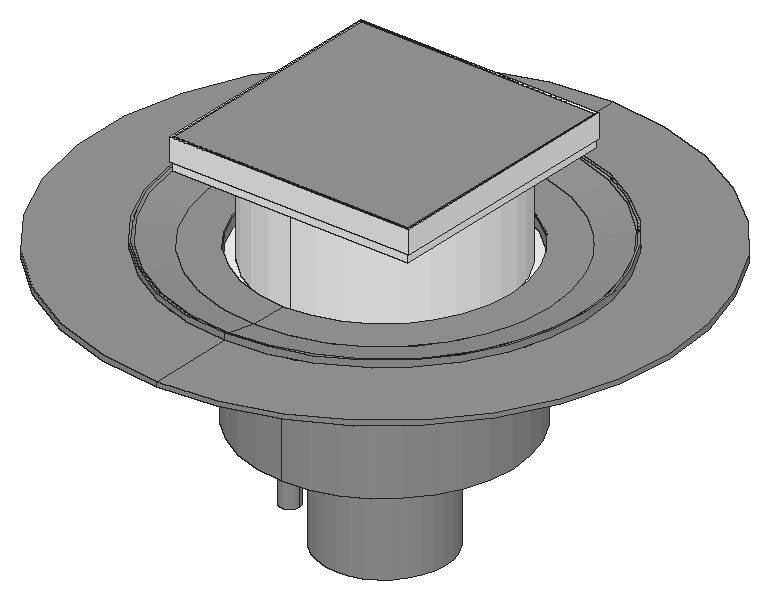
Revit family "HL_RU_Roof drain_HL62.1B-B-221103", category Sanitärinstallationen, Revit 2020
Family settings
  Bemaßung runder Anschluss = Durchmesser verwenden
  Teiletyp = Normal
  OmniClass-Nummer = 23.70.50.21.24.14
  OmniClass-Titel = Deck Waste Water Drains
  Arbeitsebenenbasiert = Nein
  Immer vertikal = Ja
  Beim Laden mit Abzugskörper schneiden = Nein
  Gemeinsam genutzt = Nein
  Raumberechnungspunkt = Ja
Parameters (values of type "HL_Кровельная воронка_HL62.1B_7")
  РЕШЁТКА = "Edelstahl 137x137mm"
  РАЗМЕР = "DN75"
  ПРОПУСКНАЯ СПОСОБНОСТЬ [instance] = 0.0 L/s
  ПРОИЗВОДИТЕЛЬНОСТЬ = "6,0 l/s"
  ПРАВОВАЯ ИНФОРМАЦИЯ = "Авторские права(©), права на дизайн или какие либо другие права интелектуальной собственности являются исключительной собственностью компании HL Hutterer & Lechner. Изменению не подлежит. Файл семейства с данными о прозводителе изделия защищен паролем с водяным знаком."
  НОМИНАЛЬНЫЙ ДИАМЕТР = 75 mm
  НАСАДКА = "12-65mm/148x148mm"
  МАТЕРИАЛ = "PP"
  МАКСИМАЛЬНАЯ НАГРУЗКА КЛАССА = "K - 300 kg"
  ВЫСОТА МОНТАЖА = "120 mm"
  ВЕС = "1,94 [kg]"
  Vorgabe-Ansicht = 0 mm
  Hersteller = "HL Hutterer & Lechner GmbH"  # constant formula
  URL = "http://www.hutterer-lechner.com/ru/products/catalog/roof-drains/HL62.1B/7.aspx"
  Материал плитка [instance] = none
  Lüftungsverbindung = no
  Abwasserrohrverbindung = yes
  HW-Verbindung = no
  KW-Verbindung = no
  Beschreibung = "Кровельные воронки"
  Model = "HL62.1B_7"
  Assembly Code = " "
  Typenkommentare = "HL62.1B/7 Кровельная воронка DN75 с зажимным элементом и подогревом (10_30Вт/230В). Проходная _ 148х148мм/137х137мм.,"
  Keynote = "HL62.1B_7"
  Bысота монтажа [instance] = 65 mm  # constant formula
  G [instance] = 180.00°  # constant formula
  EAN = "9003076832514"
  D [instance] = 67 mm + Bысота монтажа  # 132 mm
  C [instance] = if(Bысота монтажа - 68 mm < 0 mm, 0 mm, Bысота монтажа - 68 mm)  # 0 mm
  B [instance] = 100 mm  # constant formula
  A [instance] = if(B - 100 mm > 15 mm, B - 100 mm, 15 mm)  # 15 mm
Types (5, lengths in mm): name | РАЗМЕР | НОМИНАЛЬНЫЙ ДИАМЕТР | ВЕС | URL | Model | Typenkommentare | Keynote | EAN
  (no name) | "DN75" | 75 | "1,94 [kg]" | "http://www.hutterer-lechner.com/ru/products/catalog/roof-drains/HL62.1B/7.aspx" | "HL62.1B_7" | "HL62.1B/7 Кровельная воронка DN75 с зажимным элементом и подогревом (10_30Вт/230В). Проходная _ 148х148мм/137х137мм.," | "HL62.1B_7" | "9003076832514"
  HL_Кровельная воронка_HL62.1B_1 | "DN110" | 110 | "1,92 [kg]" | "http://www.hutterer-lechner.com/ru/products/catalog/roof-drains/HL62.1B/1.aspx" | "HL62.1B_1" | "HL62.1B/1 Кровельная воронка DN110 с зажимным элементом и подогревом (10_30Вт/230В). Проходная _ 148х148мм/137х137мм.," | "HL62.1B_1" | "9003076802517"
  HL_Кровельная воронка_HL62.1B_2 | "DN125" | 125 | "1,92 [kg]" | "http://www.hutterer-lechner.com/ru/products/catalog/roof-drains/HL62.1B/2.aspx" | "HL62.1B_2" | "HL62.1B/2 Кровельная воронка DN125 с зажимным элементом и подогревом (10_30Вт/230В). Проходная _ 148х148мм/137х137мм.," | "HL62.1B_2" | "9003076812516"
  HL_Кровельная воронка_HL62.1B_5 | "DN160" | 160 | "1,95 [kg]" | "http://www.hutterer-lechner.com/ru/products/catalog/roof-drains/HL62.1B/5.aspx" | "HL62.1B_5" | "HL62.1B/5 Кровельная воронка DN160 с зажимным элементом и подогревом (10_30Вт/230В). Проходная _ 148х148мм/137х137мм.," | "HL62.1B_5" | "9003076822522"
  HL_Кровельная воронка_HL62.1B_7 | "DN75" | 75 | "1,94 [kg]" | "http://www.hutterer-lechner.com/ru/products/catalog/roof-drains/HL62.1B/7.aspx" | "HL62.1B_7" | "HL62.1B/7 Кровельная воронка DN75 с зажимным элементом и подогревом (10_30Вт/230В). Проходная _ 148х148мм/137х137мм.," | "HL62.1B_7" | "9003076832514"
Reference planes
  plane 1 "Center (Front/Back)": y = 0
  plane 2: z = 0
  plane 3 "Center (Left/Right)": x = 0
  plane 4: z = -100
  plane 5: z = -65
Lines and regions (mm)
  model lines, style "InvisibleLines"
    curve 1: line (0, 0, 0) -> (0, 0, 20)
  model lines, style "PlumbingFixtures", detail levels coarse+medium
    curve 2: line (0, 0, -100) -> (0, 0, -85)
    curve 3: line (0, 0, -85) -> (-85, 0, 0)
    curve 4: line (0, 0, -85) -> (85, 0, 0)
    curve 6: line (0, 0, -100) -> (0, 0, -232)
  reference lines, not visible
    curve 5: line (0, 0, -100) -> (0, 0, -232)
  symbolic lines, style "PlumbingFixtures", detail levels coarse+medium
    curve 7: line (-75, 75, 0) -> (75, 75, 0)
    curve 8: line (-75, -75, 0) -> (-75, 75, 0)
    curve 9: line (75, -75, 0) -> (-75, -75, 0)
    curve 10: line (75, 75, 0) -> (75, -75, 0)
    curve 11: line (-75, 75, 0) -> (-145.711, 145.711, 0)
    curve 12: line (75, 75, 0) -> (145.711, 145.711, 0)
    curve 13: line (-75, -75, 0) -> (-145.711, -145.711, 0)
    curve 14: line (75, -75, 0) -> (145.711, -145.711, 0)
  symbolic lines, style "PlumbingFixtures", not visible, detail levels coarse+medium
    curve 15: line (-75, 75, 0) -> (75, 75, 0)
    curve 16: line (-75, -75, 0) -> (-75, 75, 0)
    curve 17: line (75, -75, 0) -> (-75, -75, 0)
    curve 18: line (75, 75, 0) -> (75, -75, 0)
    curve 19: line (-75, 75, 0) -> (-145.711, 145.711, 0)
    curve 20: line (75, 75, 0) -> (145.711, 145.711, 0)
    curve 21: line (-75, -75, 0) -> (-145.711, -145.711, 0)
    curve 22: line (75, -75, 0) -> (145.711, -145.711, 0)
Text (mm)
  text "FLOOR" at (-162.344, 0, -10.979), in view "Drain Construction View"
Dimensions and locks
  "B": plane 2 to plane 4
  "Bысота монтажа": plane 2 to plane 5
  "A": curve 4 to plane 4
  "D": curve 5 to curve 5
  "D": curve 6 to curve 6
  locked: curve 4 to plane 3 "Center (Left/Right)" (angle 45.00°)
  locked: plane 3 "Center (Left/Right)" to curve 3 (angle 45.00°)
  "G": angle curve 5 to plane 3 "Center (Left/Right)"
  aligned and locked: level to plane 2
  aligned and locked: plane 2 to curve 4
  aligned and locked: plane 2 to curve 3
  aligned and locked: plane 4 to curve 5
  aligned and locked: plane 3 "Center (Left/Right)" to curve 5
  aligned and locked: plane 4 to curve 2
  aligned and locked: curve 6 to plane 3 "Center (Left/Right)"
  aligned and locked: curve 6 to plane 4
  aligned and locked: plane 3 "Center (Left/Right)" to nested 1
  aligned and locked: plane 5 to nested 2
  aligned and locked: nested 2 to plane 3 "Center (Left/Right)"
  aligned and locked: plane 2 to nested 1
Automatic sketch dimensions
  curve 2 to plane 3 "Center (Left/Right)" = 0 mm
  curve 1 to plane 3 "Center (Left/Right)" = 0 mm
  curve 1 to level = 0 mm
  level to curve 1 = 20 mm
Nested families
  nested 1: "HL_Насадка_HL66.9S" at (0, 0, 0), Bысота монтажа <- "Bысота монтажа", type "HL_Grate frame_HL66.9S"
    with L 93 mm, IHmin 12 mm, IHmax 65 mm, Bысота монтажа 65 mm
  nested 2: "HL_кровельные воронки - корпус_HL62.1" at (0, 0, -65), НОМИНАЛЬНЫЙ ДИАМЕТР <- "НОМИНАЛЬНЫЙ ДИАМЕТР", type "HL_кровельные воронки - корпус_HL62.1"
    with НОМИНАЛЬНЫЙ ДИАМЕТР 75 mm, OOD 58.75 mm
Connectors
  piping at (0, 0, -232), diameter 75, driven by "ПРОПУСКНАЯ СПОСОБНОСТЬ", driven by "НОМИНАЛЬНЫЙ ДИАМЕТР"
    settings: on curve 5, index 1, connector inside diameter 609.6 mm, connector length 0 mm, flow factor 0, pipe flow 0.0 L/s, pressure drop 0.0 Pa, fitting loss kfactor 0, connector angle 0.00°, fixture units 0, engagement length 0 mm, angle of deflection 0.00°, flow configuration 1, flow direction 2, fitting loss method 0, system type 16, joint type 0, gender type 0, connector reference index -1, connector utility 0, adjustable connector yes, is connector primary yes, connector description ""
Definition of nested family "HL_Насадка_HL66.9S"
  Parameters (values of type "HL_Grate frame_HL66.9S")
    РЕШЁТКА = "Edelstahl 138x138mm"
    РАЗМЕР = "d 145 mm"
    ПРАВОВАЯ ИНФОРМАЦИЯ = "Авторские права(©), права на дизайн или какие либо другие права интелектуальной собственности являются исключительной собственностью компании HL Hutterer & Lechner. Изменению не подлежит. Файл семейства с данными о прозводителе изделия защищен паролем с водяным знаком."
    НАСАДКА = "147x147mm"
    МАТЕРИАЛ = "PP"
    МАКСИМАЛЬНАЯ НАГРУЗКА КЛАССА = "K - 300 kg"
    ВЫСОТА МОНТАЖА = "12-65mm"
    Материал плитка = none
    ВЕС = "0,345 [kg]"
    Default Elevation = 0 mm
    L [instance] = if(Bысота монтажа < IHmin, -100 mm, if(Bысота монтажа > IHmax, -100 mm, Bысота монтажа + 28 mm))  # 93 mm
    Manufacturer = "HL Hutterer & Lechner GmbH"
    URL = "http://www.hutterer-lechner.com/ru/products/catalog/roof-drains/HL66.9.aspx"
    Description = "Кровельные воронки"
    Model = "HL66.9"
    Type Comments = "HL66.9, Насадка d 145мм с бороздками/147х147мм/138х138мм"
    Keynote = "HL66.9"
    Bысота монтажа [instance] = 65 mm
    IHmin [instance] = 12 mm
    IHmax [instance] = 65 mm
    EAN = "9003076014606"
    Cost = 0
  Reference planes
    plane 1 "Střed (vpředu/vzadu)": y = 0
    plane 2: z = 0
    plane 3 "Střed (vlevo/vpravo)": x = 0
  Forms (mm)
    Revolve 1, solid, detail levels fine
      sketch origin (0, 0, 128) x (0, 1, 0) y (0, 0, 1)
        loop
          line (72.5, -142) -> (69.248, -142) -> (69.248, -221) -> (72.5, -221) -> (72.5, -142)
        axis (0, -142) -> (0, -221)
      angle from 0 to 360
    Extrusion 2, solid, detail levels fine
      sketch origin (-1.537, 0, -14.6) x (0, 1, 0) y (-1, 0, 0)
        loop
          line (74, 72.459) -> (-74, 72.459) -> (-74, -75.537) -> (74, -75.537) -> (74, 72.459)
        loop
          line (73, 71.463) -> (-73, 71.463) -> (-73, -74.537) -> (73, -74.537) -> (73, 71.463)
      from 0.6 to 14.6
    Extrusion 3, solid, detail levels fine
      sketch origin (-1.537, 0, -14) x (-1, 0, 0) y (0, 1, 0)
        loop
          line (71.463, 73) -> (-74.537, 73) -> (-74.537, -73) -> (71.463, -73) -> (71.463, 73)
        loop
          circle (-1.537, 0) r 72.5
      from 0 to 5
    Extrusion 4, solid, detail levels fine
      sketch origin (-1.537, 0, -14) x (-1, 0, 0) y (0, -1, 0)
        loop
          line (70.95, -72.397) -> (70.95, 72.463) -> (-74.05, 72.463) -> (-74.05, -72.397) -> (70.95, -72.397)
      from 0 to 14
    Revolve 5, solid, detail levels fine
      sketch origin (0, 75.989, -93) x (0, -1, 0) y (0, 0, -1)
        loop
          line (3.489, -20) -> (3.489, 0) -> (0.186, 0) -> (-2.325, -2.511) -> (-2.325, -20) -> (3.489, -20)
        axis (75.989, -20) -> (75.989, 0)
      angle from 0 to 360
  Lines and regions (mm)
    model lines, detail levels fine
      curve 1: line (36.25, 24.325, 0) -> (36.25, -24.42, 0)
      curve 2: line (43.75, -24.42, 0) -> (43.75, 24.325, 0)
      curve 3: line (52.25, 40.306, 0) -> (52.25, -40.355, 0)
      curve 4: line (59.75, -40.355, 0) -> (59.75, 40.306, 0)
      curve 5: line (20.25, 8.588, 0) -> (20.25, -8.684, 0)
      curve 6: line (27.75, -8.684, 0) -> (27.75, 8.588, 0)
      curve 7: arc (27.75, 8.588, 0) -> (24, 12.338, 0) -> (20.25, 8.588, 0) r 3.75
      curve 8: arc (20.25, -8.684, 0) -> (24, -12.434, 0) -> (27.75, -8.684, 0) r 3.75
      curve 9: arc (36.25, -24.42, 0) -> (40, -28.17, 0) -> (43.75, -24.42, 0) r 3.75
      curve 10: arc (43.75, 24.325, 0) -> (40, 28.075, 0) -> (36.25, 24.325, 0) r 3.75
      curve 11: arc (59.75, 40.306, 0) -> (56, 44.056, 0) -> (52.25, 40.306, 0) r 3.75
      curve 12: arc (52.25, -40.355, 0) -> (56, -44.105, 0) -> (59.75, -40.355, 0) r 3.75
      curve 13: line (-24.325, -36.25, 0) -> (24.42, -36.25, 0)
      curve 14: line (24.42, -43.75, 0) -> (-24.325, -43.75, 0)
      curve 15: line (-40.306, -52.25, 0) -> (40.355, -52.25, 0)
      curve 16: line (40.355, -59.75, 0) -> (-40.306, -59.75, 0)
      curve 17: line (-8.588, -20.25, 0) -> (8.684, -20.25, 0)
      curve 18: line (8.684, -27.75, 0) -> (-8.588, -27.75, 0)
      curve 19: arc (-8.588, -27.75, 0) -> (-12.338, -24, 0) -> (-8.588, -20.25, 0) r 3.75
      curve 20: arc (8.684, -20.25, 0) -> (12.434, -24, 0) -> (8.684, -27.75, 0) r 3.75
      curve 21: arc (24.42, -36.25, 0) -> (28.17, -40, 0) -> (24.42, -43.75, 0) r 3.75
      curve 22: arc (-24.325, -43.75, 0) -> (-28.075, -40, 0) -> (-24.325, -36.25, 0) r 3.75
      curve 23: arc (-40.306, -59.75, 0) -> (-44.056, -56, 0) -> (-40.306, -52.25, 0) r 3.75
      curve 24: arc (40.355, -52.25, 0) -> (44.105, -56, 0) -> (40.355, -59.75, 0) r 3.75
      curve 25: line (36.25, -24.42, 0) -> (36.25, 24.325, 0)
      curve 26: line (43.75, 24.325, 0) -> (43.75, -24.42, 0)
      curve 27: line (52.25, -40.355, 0) -> (52.25, 40.306, 0)
      curve 28: line (59.75, 40.306, 0) -> (59.75, -40.355, 0)
      curve 29: line (20.25, -8.684, 0) -> (20.25, 8.588, 0)
      curve 30: line (27.75, 8.588, 0) -> (27.75, -8.684, 0)
      curve 31: arc (27.75, -8.588, 0) -> (24, -12.338, 0) -> (20.25, -8.588, 0) r 3.75
      curve 32: arc (20.25, 8.684, 0) -> (24, 12.434, 0) -> (27.75, 8.684, 0) r 3.75
      curve 33: arc (36.25, 24.42, 0) -> (40, 28.17, 0) -> (43.75, 24.42, 0) r 3.75
      curve 34: arc (43.75, -24.325, 0) -> (40, -28.075, 0) -> (36.25, -24.325, 0) r 3.75
      curve 35: arc (59.75, -40.306, 0) -> (56, -44.056, 0) -> (52.25, -40.306, 0) r 3.75
      curve 36: arc (52.25, 40.355, 0) -> (56, 44.105, 0) -> (59.75, 40.355, 0) r 3.75
      curve 37: line (24.42, -36.25, 0) -> (-24.325, -36.25, 0)
      curve 38: line (-24.325, -43.75, 0) -> (24.42, -43.75, 0)
      curve 39: line (40.355, -52.25, 0) -> (-40.306, -52.25, 0)
      curve 40: line (-40.306, -59.75, 0) -> (40.355, -59.75, 0)
      curve 41: line (8.684, -20.25, 0) -> (-8.588, -20.25, 0)
      curve 42: line (-8.588, -27.75, 0) -> (8.684, -27.75, 0)
      curve 43: arc (8.588, -27.75, 0) -> (12.338, -24, 0) -> (8.588, -20.25, 0) r 3.75
      curve 44: arc (-8.684, -20.25, 0) -> (-12.434, -24, 0) -> (-8.684, -27.75, 0) r 3.75
      curve 45: arc (-24.42, -36.25, 0) -> (-28.17, -40, 0) -> (-24.42, -43.75, 0) r 3.75
      curve 46: arc (24.325, -43.75, 0) -> (28.075, -40, 0) -> (24.325, -36.25, 0) r 3.75
      curve 47: arc (40.306, -59.75, 0) -> (44.056, -56, 0) -> (40.306, -52.25, 0) r 3.75
      curve 48: arc (-40.355, -52.25, 0) -> (-44.105, -56, 0) -> (-40.355, -59.75, 0) r 3.75
      curve 49: line (-36.25, 24.325, 0) -> (-36.25, -24.325, 0)
      curve 50: line (-43.75, -24.325, 0) -> (-43.75, 24.325, 0)
      curve 51: line (-52.25, 40.306, 0) -> (-52.25, -40.306, 0)
      curve 52: line (-59.75, -40.306, 0) -> (-59.75, 40.306, 0)
      curve 53: line (-20.25, 8.588, 0) -> (-20.25, -8.588, 0)
      curve 54: line (-27.75, -8.684, 0) -> (-27.75, 8.588, 0)
      curve 55: arc (-27.75, 8.588, 0) -> (-24, 12.338, 0) -> (-20.25, 8.588, 0) r 3.75
      curve 56: arc (-20.25, -8.684, 0) -> (-24, -12.434, 0) -> (-27.75, -8.684, 0) r 3.75
      curve 57: arc (-43.75, 24.325, 0) -> (-40, 28.075, 0) -> (-36.25, 24.325, 0) r 3.75
      curve 58: arc (-59.75, 40.306, 0) -> (-56, 44.056, 0) -> (-52.25, 40.306, 0) r 3.75
      curve 59: line (-36.25, -24.325, 0) -> (-36.25, 24.325, 0)
      curve 60: line (-43.75, 24.325, 0) -> (-43.75, -24.325, 0)
      curve 61: line (-52.25, -40.306, 0) -> (-52.25, 40.306, 0)
      curve 62: line (-59.75, 40.306, 0) -> (-59.75, -40.306, 0)
      curve 63: line (-20.25, -8.588, 0) -> (-20.25, 8.588, 0)
      curve 64: line (-27.75, 8.588, 0) -> (-27.75, -8.684, 0)
      curve 65: arc (-27.75, -8.588, 0) -> (-24, -12.338, 0) -> (-20.25, -8.588, 0) r 3.75
      curve 66: arc (-20.25, 8.684, 0) -> (-24, 12.434, 0) -> (-27.75, 8.684, 0) r 3.75
      curve 67: arc (-36.25, 24.42, 0) -> (-40, 28.17, 0) -> (-43.75, 24.42, 0) r 3.75
      curve 68: arc (-43.75, -24.325, 0) -> (-40, -28.075, 0) -> (-36.25, -24.325, 0) r 3.75
      curve 69: arc (-59.75, -40.306, 0) -> (-56, -44.056, 0) -> (-52.25, -40.306, 0) r 3.75
      curve 70: arc (-52.25, 40.355, 0) -> (-56, 44.105, 0) -> (-59.75, 40.355, 0) r 3.75
      curve 71: line (-24.42, 36.25, 0) -> (24.325, 36.25, 0)
      curve 72: line (24.42, 43.75, 0) -> (-24.42, 43.75, 0)
      curve 73: line (-40.355, 52.25, 0) -> (40.306, 52.25, 0)
      curve 74: line (40.306, 59.75, 0) -> (-40.355, 59.75, 0)
      curve 75: line (-8.588, 20.25, 0) -> (8.588, 20.25, 0)
      curve 76: line (8.684, 27.75, 0) -> (-8.588, 27.75, 0)
      curve 77: arc (-8.588, 27.75, 0) -> (-12.338, 24, 0) -> (-8.588, 20.25, 0) r 3.75
      curve 78: arc (8.684, 20.25, 0) -> (12.434, 24, 0) -> (8.684, 27.75, 0) r 3.75
      curve 79: arc (24.42, 36.25, 0) -> (28.17, 40, 0) -> (24.42, 43.75, 0) r 3.75
      curve 80: line (24.325, 36.25, 0) -> (-24.42, 36.25, 0)
      curve 81: line (-24.42, 43.75, 0) -> (24.42, 43.75, 0)
      curve 82: line (40.306, 52.25, 0) -> (-40.355, 52.25, 0)
      curve 83: line (-40.355, 59.75, 0) -> (40.306, 59.75, 0)
      curve 84: line (8.588, 20.25, 0) -> (-8.588, 20.25, 0)
      curve 85: line (-8.588, 27.75, 0) -> (8.684, 27.75, 0)
      curve 86: arc (8.588, 27.75, 0) -> (12.338, 24, 0) -> (8.588, 20.25, 0) r 3.75
      curve 87: arc (-8.684, 20.25, 0) -> (-12.434, 24, 0) -> (-8.684, 27.75, 0) r 3.75
      curve 88: arc (-24.42, 36.25, 0) -> (-28.17, 40, 0) -> (-24.42, 43.75, 0) r 3.75
      curve 89: arc (24.325, 43.75, 0) -> (28.075, 40, 0) -> (24.325, 36.25, 0) r 3.75
      curve 90: arc (40.306, 59.75, 0) -> (44.056, 56, 0) -> (40.306, 52.25, 0) r 3.75
      curve 91: arc (-40.355, 52.25, 0) -> (-44.105, 56, 0) -> (-40.355, 59.75, 0) r 3.75
    reference lines
      curve 92: line (0, 75.989, -93) -> (0, -174.011, -93)
  Dimensions and locks
    Extrusion 2 sketch curve to Extrusion 2 sketch curve = 147.996 mm
    Extrusion 2 sketch curve to Extrusion 2 sketch curve = 148 mm
    "L": curve 92 to plane 2
    aligned and locked: level to plane 2
    aligned and locked: Revolve 1 to curve 92
  Automatic sketch dimensions
    plane 1 "Střed (vpředu/vzadu)" to Extrusion 2 sketch curve = 74 mm
    Extrusion 2 sketch curve to Extrusion 2 sketch curve = 1 mm  (x3)
    plane 3 "Střed (vlevo/vpravo)" to Extrusion 2 sketch curve = 74 mm
    Extrusion 2 sketch curve to Extrusion 2 sketch curve = 0.996 mm
    Extrusion 3 sketch curve to Extrusion 2 = 0 mm  (x4)
    Extrusion 3 sketch curve to Extrusion 2 = 73 mm  (x2)
    Extrusion 2 to curve 16 = 13.25 mm
    curve 24 to curve 47 = 3.75 mm
    curve 47 to curve 24 = 0 mm
    curve 48 to curve 23 = 0 mm  (x2)
    curve 23 to curve 38 = 8.5 mm
    curve 24 to curve 12 = 11.895 mm
    curve 12 to curve 35 = 0.048 mm
    curve 15 to curve 69 = 11.944 mm
    curve 22 to curve 45 = 3.75 mm
    curve 21 to curve 46 = 3.75 mm
    curve 46 to curve 21 = 0 mm
    curve 22 to curve 18 = 8.5 mm
    curve 21 to curve 9 = 11.83 mm
    curve 13 to curve 49 = 11.925 mm
    curve 9 to curve 34 = 0.095 mm
    curve 18 to curve 19 = 3.75 mm
    curve 44 to curve 19 = 0 mm  (x2)
    curve 43 to curve 20 = 0 mm
    curve 20 to curve 5 = 11.566 mm
    curve 49 to curve 64 = 15.642 mm
    curve 8 to curve 31 = 0.095 mm
    curve 56 to curve 53 = 0.095 mm
    curve 65 to curve 64 = 17.177 mm
    curve 31 to curve 29 = 17.177 mm
    curve 7 to curve 32 = 0.095 mm
    curve 55 to curve 66 = 0.095 mm
    curve 32 to curve 84 = 11.566 mm
    curve 86 to curve 78 = 3.75 mm
    curve 86 to curve 78 = 0 mm
    curve 77 to curve 87 = 3.75 mm
    curve 87 to curve 77 = 0 mm  (x2)
    curve 66 to curve 60 = 15.642 mm
    curve 32 to curve 26 = 15.642 mm
    curve 10 to curve 33 = 0.095 mm
    curve 57 to curve 67 = 0.095 mm
    curve 33 to curve 71 = 11.83 mm
    curve 89 to curve 89 = 3.75 mm
    curve 88 to curve 88 = 3.75 mm
    curve 89 to curve 79 = 0 mm
    curve 33 to curve 11 = 15.886 mm
    curve 67 to curve 51 = 15.886 mm
    curve 58 to curve 70 = 0.048 mm
    curve 11 to curve 36 = 0.048 mm
    curve 70 to curve 73 = 11.895 mm
    curve 90 to curve 90 = 3.75 mm
    Extrusion 2 to curve 28 = 13.25 mm
    curve 4 to curve 11 = 3.75 mm
    curve 35 to curve 12 = 0 mm
    curve 36 to curve 11 = 0 mm
    curve 3 to curve 2 = 8.5 mm
    curve 3 to curve 39 = 11.895 mm
    curve 11 to curve 83 = 11.944 mm
    curve 24 to curve 47 = 0.048 mm
    curve 26 to curve 9 = 3.75 mm
    curve 33 to curve 10 = 0 mm
    curve 34 to curve 9 = 0 mm
    curve 34 to curve 30 = 8.5 mm
    curve 90 to curve 72 = 15.886 mm
    curve 1 to curve 21 = 11.83 mm
    curve 79 to curve 80 = 0.095 mm
    curve 21 to curve 46 = 0.095 mm
    curve 6 to curve 32 = 3.75 mm
    curve 6 to curve 8 = 3.75 mm
    curve 31 to curve 8 = 0 mm
    curve 29 to curve 17 = 11.566 mm
    curve 7 to curve 78 = 11.566 mm
    curve 78 to curve 86 = 0.095 mm
    curve 20 to curve 43 = 0.095 mm
    curve 43 to curve 41 = 17.177 mm
    curve 86 to curve 77 = 17.177 mm
    curve 19 to curve 44 = 0.095 mm
    curve 77 to curve 87 = 0.095 mm
    curve 87 to curve 53 = 11.566 mm
    curve 53 to curve 66 = 3.75 mm
    curve 55 to curve 66 = 0 mm
    curve 56 to curve 54 = 3.75 mm
    curve 65 to curve 56 = 0 mm
    curve 44 to curve 14 = 15.642 mm
    curve 22 to curve 45 = 0.095 mm
    curve 87 to curve 72 = 15.736 mm
    curve 45 to curve 59 = 11.83 mm
    curve 57 to curve 67 = 3.75 mm
    curve 68 to curve 68 = 3.75 mm
    curve 45 to curve 15 = 15.886 mm
    curve 23 to curve 48 = 0.048 mm
    curve 72 to curve 74 = 15.935 mm
    curve 91 to curve 51 = 11.895 mm
    curve 51 to curve 70 = 3.75 mm
    curve 51 to curve 69 = 3.75 mm
    curve 45 to curve 22 = 0 mm
    curve 36 to curve 28 = 0 mm
    curve 33 to curve 2 = 0 mm
    curve 32 to curve 30 = 0 mm
    curve 66 to curve 55 = 0 mm
    curve 67 to curve 57 = 0 mm
    curve 70 to curve 51 = 0 mm
    Extrusion 4 sketch curve to Extrusion 3 = 0.487 mm
    Extrusion 4 sketch curve to Extrusion 3 = 0.513 mm
    Extrusion 4 sketch curve to Extrusion 3 = 0.603 mm
    Extrusion 4 sketch curve to Extrusion 3 = 0.537 mm
    Revolve 1 sketch curve to plane 1 "Střed (vpředu/vzadu)" = 0 mm
    Revolve 1 sketch curve to level = 14 mm
    Revolve 1 sketch curve to plane 1 "Střed (vpředu/vzadu)" = 69.248 mm
    Revolve 1 sketch curve to Revolve 1 sketch curve = 3.252 mm
    Revolve 1 sketch curve to Revolve 1 sketch curve = 79 mm
    Revolve 1 sketch curve to Revolve 1 sketch curve = 17.5 mm
    level to Revolve 1 sketch curve = 144.5 mm
    Revolve 5 sketch curve to curve 92 = 0 mm
    Revolve 5 sketch curve to curve 92 = 2.325 mm
    curve 92 to Revolve 5 sketch curve = 0.186 mm
    curve 92 to Revolve 5 sketch curve = 3.489 mm
    Revolve 5 sketch curve to curve 92 = 2.511 mm
    Revolve 5 sketch curve to curve 92 = 20 mm
    curve 92 to Revolve 5 sketch curve = 75.989 mm
    Revolve 5 sketch curve to curve 92 = 393 mm
    curve 92 to Revolve 5 sketch curve = 207 mm
    plane 1 "Střed (vpředu/vzadu)" to curve 92 = 174.011 mm
    curve 92 to plane 1 "Střed (vpředu/vzadu)" = 75.989 mm
    radius of Extrusion 3 sketch curve = 72.5 mm
Definition of nested family "HL_кровельные воронки - корпус_HL62.1"
  Parameters (values of type "HL_кровельные воронки - корпус_HL62.1")
    НОМИНАЛЬНЫЙ ДИАМЕТР [instance] = 160 mm
    Default Elevation = 0 mm
    Manufacturer = ""
    URL = ""
    Description = ""
    OOD [instance] = if((80 mm - НОМИНАЛЬНЫЙ ДИАМЕТР / 2) / 2 + НОМИНАЛЬНЫЙ ДИАМЕТР / 2 > 75 mm, 100 mm, (80 mm - НОМИНАЛЬНЫЙ ДИАМЕТР / 2) / 2 + НОМИНАЛЬНЫЙ ДИАМЕТР / 2)  # 100 mm
    Model = ""
    Type Comments = ""
    Cost = 0
  Reference planes
    plane 1 "Střed (vpředu/vzadu)": y = 0
    plane 2: z = 0
    plane 3 "Střed (vlevo/vpravo)": x = 0
  Forms (mm)
    Revolve 1, solid, detail levels fine
      sketch origin (0, 0, 0) x (0, 1, 0) y (0, 0, 1)
        loop
          line (177, -3) -> (177, 0) -> (124.39, 0) -> (112.255, 0) -> (101.905, -2.2) -> (79.004, -2.2) -> (79.004, -22.024) -> (74.451, -22.024) -> (74.451, -35.37) -> (0, -35.37) -> (0, -97.967) -> (79.982, -97.967) -> (79.982, -31.54) -> (86.489, -31.54) -> (86.489, -28.04) -> (101.489, -28.04) -> (101.489, -13.704) -> (130.898, -3) -> (177, -3)
        axis (0, 0) -> (0, -97.967)
      angle from 0 to 360
    Revolve 2, solid, detail levels fine
      sketch origin (0, 0, 0) x (0, 1, 0) y (0, 0, 1)
        loop
          line (124.39, 0) -> (124.39, 4) -> (123.297, 4) -> (122.033, 3.115) -> (101.733, -1.2) -> (79.004, -1.2) -> (79.004, -2.2) -> (101.905, -2.2) -> (112.255, 0) -> (124.39, 0)
        axis (0, 4) -> (0, -2.2)
      angle from 0 to 360
    Extrusion 3, solid, detail levels fine
      sketch origin (0, 0, 0) x (0.707107, 0.707107, 0) y (-0.707107, 0.707107, 0)
        loop
          circle (0, 0) r 80
      from -167 to -97.967
    Sweep 4, solid, detail levels fine
      path origin (-100, 0, -67.213) x (0, 0, -1) y (1, 0, 0)
        loop
          line (98.966, 0) -> (27.716, 0)
          arc (27.716, 0) -> (15.095, 5.228) -> (9.868, 17.848) r 17.848
          line (9.868, 17.848) -> (9.868, 35)
      profile origin (-100, 0, -130.554) x (-1, 0, 0) y (0, -1, 0)
        loop
          circle (0, 0) r 5.8
  Lines and regions (mm)
    reference lines
      curve 1: line (-100, 0, -67.213) -> (-100, 0, -292.213)
  Dimensions and locks
    "OOD": curve 1 to plane 3 "Střed (vlevo/vpravo)"
    "НОМИНАЛЬНЫЙ ДИАМЕТР": diameter of Extrusion 3 sketch curve
    aligned and locked: level to plane 2
  Automatic sketch dimensions
    Revolve 2 sketch curve to plane 1 "Střed (vpředu/vzadu)" = 0 mm
    level to Revolve 2 sketch curve = 0 mm
    Revolve 2 sketch curve to level = 1.2 mm
    Revolve 2 sketch curve to plane 1 "Střed (vpředu/vzadu)" = 79.004 mm
    Revolve 2 sketch curve to Revolve 2 sketch curve = 22.729 mm
    Revolve 2 sketch curve to level = 2.2 mm
    Revolve 2 sketch curve to Revolve 2 sketch curve = 0.172 mm
    Revolve 2 sketch curve to Revolve 2 sketch curve = 10.35 mm
    level to Revolve 2 sketch curve = 3.115 mm
    Revolve 2 sketch curve to Revolve 2 sketch curve = 9.777 mm
    Revolve 2 sketch curve to Revolve 2 sketch curve = 1.264 mm
    Revolve 2 sketch curve to Revolve 2 sketch curve = 1.093 mm
    Revolve 2 sketch curve to Revolve 2 sketch curve = 0.885 mm
    Revolve 2 sketch curve to level = 66.573 mm
    level to Revolve 2 sketch curve = 22.174 mm
    Revolve 1 sketch curve to plane 1 "Střed (vpředu/vzadu)" = 0 mm  (x2)
    level to Revolve 1 sketch curve = 0 mm
    Revolve 1 sketch curve to Revolve 1 sketch curve = 74.451 mm
    Revolve 1 sketch curve to Revolve 1 sketch curve = 4.553 mm
    Revolve 1 sketch curve to Revolve 1 sketch curve = 6.507 mm
    Revolve 1 sketch curve to Revolve 1 sketch curve = 15 mm
    Revolve 1 sketch curve to level = 2.2 mm
    Revolve 1 sketch curve to Revolve 1 sketch curve = 0.416 mm
    Revolve 1 sketch curve to Revolve 1 sketch curve = 10.35 mm
    Revolve 1 sketch curve to Revolve 1 sketch curve = 12.135 mm
    Revolve 1 sketch curve to level = 3 mm
    Revolve 1 sketch curve to Revolve 1 sketch curve = 6.508 mm
    Revolve 1 sketch curve to Revolve 1 sketch curve = 46.102 mm
    Revolve 1 sketch curve to Revolve 1 sketch curve = 11.504 mm
    Revolve 1 sketch curve to Revolve 1 sketch curve = 19.824 mm
    Revolve 1 sketch curve to Revolve 1 sketch curve = 14.336 mm
    Revolve 1 sketch curve to Revolve 1 sketch curve = 3.5 mm
    level to Revolve 1 sketch curve = 30 mm
    Revolve 1 sketch curve to Revolve 1 sketch curve = 270 mm
    Revolve 1 sketch curve to Revolve 1 sketch curve = 5.531 mm
    Revolve 1 sketch curve to Revolve 1 sketch curve = 3.83 mm
    Revolve 1 sketch curve to Revolve 1 sketch curve = 62.597 mm
    plane 1 "Střed (vpředu/vzadu)" to Sweep 4 sketch curve = 0 mm
    Sweep 4 sketch curve to profile plane = 0 mm
    curve 1 to Sweep 4 sketch curve = 0 mm
    curve 1 to Sweep 4 sketch curve = 9.868 mm
    Sweep 4 sketch curve to Sweep 4 sketch curve = 17.848 mm
    Sweep 4 sketch curve to Sweep 4 sketch curve = 71.25 mm
    curve 1 to Sweep 4 sketch curve = 35 mm
    curve 1 to level = 292.213 mm
    curve 1 to level = 67.213 mm
    plane 1 "Střed (vpředu/vzadu)" to Extrusion 3 sketch curve = 0 mm
    Extrusion 3 sketch curve to plane 3 "Střed (vlevo/vpravo)" = 0 mm
    radius of Sweep 4 sketch curve = 5.8 mm
